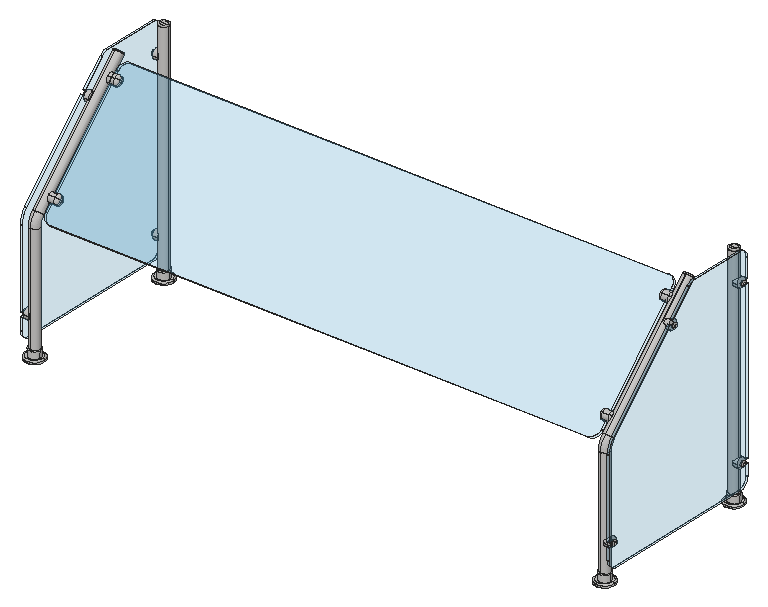
Revit family "QF_ENGLISH_M-106", category Casework, Revit 2018
Family settings
  Work Plane-Based = No
  Always vertical = Yes
  Cut with Voids When Loaded = No
  Shared = No
  Room Calculation Point = No
Parameters
  Weight in Pounds = 0
  URL Cutsheet = ""
  Type Mark [instance] = ""
  Status [instance] = ""
  Specification by User [instance] = ""
  Specification by Manufacturer = ""
  Show Right Glass [instance] = yes
  Show Left Glass [instance] = yes
  Serial Number = ""
  Seismic Rating = ""
  SMACNA No = ""
  Revision Code [instance] = ""
  RS Symbolic [instance] = not(Show Right Glass)  # no
  Omniclass Number and Title = ""
  NAFEM Spec ID Number = ""
  Model = "M-106"
  Masterspec = ""
  Manufacturer = "ENGLISH MFG. INC."
  Length [instance] = 60"
  LS Symbolic [instance] = not(Show Left Glass)  # no
  Item Number [instance] = ""
  Installed By [instance] = ""
  Identify Quantity as Lot [instance] = yes
  H Code [instance] = 24"  # constant formula
  H [instance] = H Code - 1 1/2"  # 22 1/2"
  Glass Thickness [instance] = 3/8"  # constant formula
  Glass Material [instance] = Glass
  Furnished By [instance] = ""
  Foodservice Equipment Identifier [instance] = yes
  Description = "MATRIX SERIES"
  Depth [instance] = 17"  # constant formula
  CSI MasterFormat = ""
  CSI Master Format = ""
  Assembly Code = ""
Reference planes (in)
  plane 1 "BACK": y = 0
  plane 2: z = 0
  plane 3 "LEFT": x = 0
  plane 4 "RIGHT": x = 60
  plane 5 "FRONT": y = -17
  plane 6 "TOP": z = 24
  plane 7 "Center Y": x = 30
  plane 8 "Center X": y = -8.5
Forms (in)
  Revolve 1, solid, material "QF_Finishes_Stainless Steel", visible <- "Show Left Glass"
    sketch origin (0, 0, 0) x (1, 0, 0) y (0, 0, 1)
      loop
        line (0, 0) -> (0, 1) -> (-0.53494, 1)
        arc (-0.53494, 1) -> (-0.57913, 0.98169) -> (-0.5975, 0.9375) r 0.0625
        line (-0.5975, 0.9375) -> (-0.5975, 0.25) -> (-0.87489, 0.25)
        arc (-0.87489, 0.25) -> (-0.96328, 0.21339) -> (-1, 0.125) r 0.125
        line (-1, 0.125) -> (-1, 0) -> (0, 0)
      loop
        line (0, 24) -> (0, 24.13598) -> (-0.43122, 24.13598)
        arc (-0.43122, 24.13598) -> (-0.49921, 24.06799) -> (-0.43122, 24) r 0.06799
        line (-0.43122, 24) -> (0, 24)
      axis (0, 24.13598) -> (0, 0)
    angle from 0 to 360
  Revolve 2, solid, material "QF_Finishes_Stainless Steel", visible <- "Show Right Glass"
    sketch origin (75.11626, 0, 0) x (1, 0, 0) y (0, 0, 1)
      loop
        line (-15.11626, 0) -> (-15.11626, 1) -> (-15.6512, 1)
        arc (-15.6512, 1) -> (-15.69539, 0.98169) -> (-15.71376, 0.9375) r 0.0625
        line (-15.71376, 0.9375) -> (-15.71376, 0.25) -> (-15.99114, 0.25)
        arc (-15.99114, 0.25) -> (-16.07953, 0.21339) -> (-16.11625, 0.125) r 0.125
        line (-16.11625, 0.125) -> (-16.11625, 0) -> (-15.11626, 0)
      loop
        line (-15.11626, 24) -> (-15.11626, 24.13598) -> (-15.54748, 24.13598)
        arc (-15.54748, 24.13598) -> (-15.61547, 24.06799) -> (-15.54748, 24) r 0.06799
        line (-15.54748, 24) -> (-15.11626, 24)
      axis (-15.11626, 24.13598) -> (-15.11626, 0)
    angle from 0 to 360
  Extrusion 3, solid, material "Glass" <- "Glass Material", visible <- "Show Left Glass"
    sketch origin (-0.75, -16.5, 18.9876) x (0, 0, -1) y (0, -1, 0)
      loop
        line (-4.1374, -17.125) -> (-2.1999, -17.125) -> (-2.1999, -16.5)
        arc (-2.1999, -16.5) -> (-2.0124, -16.3125) -> (-1.8249, -16.5) r 0.1875
        line (-1.8249, -16.5) -> (-1.8249, -17.125) -> (14.8001, -17.125) -> (14.8001, -16.5)
        arc (14.8001, -16.5) -> (14.9876, -16.3125) -> (15.1751, -16.5) r 0.1875
        line (15.1751, -16.5) -> (15.1751, -17.125) -> (16.4876, -17.125)
        arc (16.4876, -17.125) -> (17.1947, -16.83211) -> (17.4876, -16.125) r 1
        line (17.4876, -16.125) -> (17.4876, 0.125)
        arc (17.4876, 0.125) -> (17.1947, 0.83211) -> (16.4876, 1.125) r 1
        line (16.4876, 1.125) -> (15.1751, 1.125) -> (15.1751, 0.5)
        arc (15.1751, 0.5) -> (14.9876, 0.3125) -> (14.8001, 0.5) r 0.1875
        line (14.8001, 0.5) -> (14.8001, 1.125) -> (6.51425, 1.125)
        arc (6.51425, 1.125) -> (5.74888, 0.97276) -> (5.10003, 0.53921) r 2
        line (5.10003, 0.53921) -> (-2.32261, -6.88343) -> (-1.88067, -7.32538)
        arc (-1.88067, -7.32538) -> (-1.8737, -7.58311) -> (-2.13068, -7.60399) r 0.18744
        line (-2.13068, -7.60399) -> (-2.58693, -7.14775) -> (-4.84451, -9.40533)
        arc (-4.84451, -9.40533) -> (-5.06128, -9.72975) -> (-5.1374, -10.11244) r 1
        line (-5.1374, -10.11244) -> (-5.1374, -16.125)
        arc (-5.1374, -16.125) -> (-4.84451, -16.83211) -> (-4.1374, -17.125) r 1
    from 0 to 0.25
  Extrusion 4, solid, material "Glass" <- "Glass Material", visible <- "Show Right Glass"
    sketch origin (60.75, 0, 0) x (0, 1, 0) y (0, 0, 1)
      loop
        line (-16.625, 1.5) -> (-0.375, 1.5)
        arc (-0.375, 1.5) -> (0.33211, 1.79289) -> (0.625, 2.5) r 1
        line (0.625, 2.5) -> (0.625, 3.8125) -> (0, 3.8125)
        arc (0, 3.8125) -> (-0.1875, 4) -> (0, 4.1875) r 0.1875
        line (0, 4.1875) -> (0.625, 4.1875) -> (0.625, 20.8125) -> (0, 20.8125)
        arc (0, 20.8125) -> (-0.1875, 21) -> (0, 21.1875) r 0.1875
        line (0, 21.1875) -> (0.625, 21.1875) -> (0.625, 23.125)
        arc (0.625, 23.125) -> (0.33211, 23.83211) -> (-0.375, 24.125) r 1
        line (-0.375, 24.125) -> (-6.38756, 24.125)
        arc (-6.38756, 24.125) -> (-6.77025, 24.04888) -> (-7.09467, 23.83211) r 1
        line (-7.09467, 23.83211) -> (-9.35225, 21.57452) -> (-8.89601, 21.11828)
        arc (-8.89601, 21.11828) -> (-8.91689, 20.8613) -> (-9.17462, 20.86827) r 0.18744
        line (-9.17462, 20.86827) -> (-9.61662, 21.31026) -> (-17.03919, 13.88754)
        arc (-17.03919, 13.88754) -> (-17.47274, 13.2387) -> (-17.62498, 12.47334) r 1.99998
        line (-17.62498, 12.47334) -> (-17.62498, 4.1875) -> (-17, 4.1875)
        arc (-17, 4.1875) -> (-16.8125, 4) -> (-17, 3.8125) r 0.1875
        line (-17, 3.8125) -> (-17.625, 3.8125) -> (-17.625, 2.5)
        arc (-17.625, 2.5) -> (-17.33211, 1.79289) -> (-16.625, 1.5) r 1
    from 0 to 0.25
  Extrusion 5, solid, material "Glass" <- "Glass Material"
    sketch origin (0.69887, -14.53572, 15.24201) x (0, -0.707107, -0.707107) y (1, 0, 0)
      loop
        arc (-11.76682, 1.05113) -> (-11.47393, 0.34403) -> (-10.76682, 0.05113) r 1
        line (-10.76682, 0.05113) -> (2.35818, 0.05113)
        arc (2.35818, 0.05113) -> (3.06529, 0.34403) -> (3.35818, 1.05113) r 1
        line (3.35818, 1.05113) -> (3.35818, 57.55113)
        arc (3.35818, 57.55113) -> (3.06529, 58.25823) -> (2.35818, 58.55113) r 1
        line (2.35818, 58.55113) -> (-10.76682, 58.55113)
        arc (-10.76682, 58.55113) -> (-11.47393, 58.25823) -> (-11.76682, 57.55113) r 1
        line (-11.76682, 57.55113) -> (-11.76682, 1.05113)
    from 0 to 0.375 <- "Glass Thickness"
  Sweep 6, solid, material "QF_Finishes_Stainless Steel"
    path origin (60, 0, 0) x (0, -1, 0) y (0, 0, 1)
      loop
        line (17, 1) -> (17, 12.42157)
        arc (17, 12.42157) -> (16.88582, 12.9956) -> (16.56066, 13.48223) r 1.5
        line (16.56066, 13.48223) -> (6.04289, 24)
    profile origin (60, -17, 6.71079) x (0, 1, 0) y (-1, 0, 0)
      loop
        circle (0, 0) r 0.5
  Extrusion 7, solid, material "QF_Finishes_Stainless Steel", visible <- "Show Right Glass"
    sketch origin (0, 0, 0) x (1, 0, 0) y (0, 1, 0)
      loop
        circle (60, 0) r 0.5
    from 0.99997 to 24
  Revolve 8, solid, material "QF_Finishes_Stainless Steel"
    sketch origin (0, -17, 0) x (1, 0, 0) y (0, 0, 1)
      loop
        line (0, 0) -> (0, 1) -> (-0.53494, 1)
        arc (-0.53494, 1) -> (-0.57913, 0.98169) -> (-0.5975, 0.9375) r 0.0625
        line (-0.5975, 0.9375) -> (-0.5975, 0.25) -> (-0.87489, 0.25)
        arc (-0.87489, 0.25) -> (-0.96328, 0.21339) -> (-1, 0.125) r 0.125
        line (-1, 0.125) -> (-1, 0) -> (0, 0)
      axis (0, 1) -> (0, 0)
    angle from 0 to 360
  Revolve 9, solid, material "QF_Finishes_Stainless Steel"
    sketch origin (75.11626, -17, 0) x (1, 0, 0) y (0, 0, 1)
      loop
        line (-15.11626, 0) -> (-15.11626, 1) -> (-15.6512, 1)
        arc (-15.6512, 1) -> (-15.69539, 0.98169) -> (-15.71376, 0.9375) r 0.0625
        line (-15.71376, 0.9375) -> (-15.71376, 0.25) -> (-15.99114, 0.25)
        arc (-15.99114, 0.25) -> (-16.07953, 0.21339) -> (-16.11625, 0.125) r 0.125
        line (-16.11625, 0.125) -> (-16.11625, 0) -> (-15.11626, 0)
      axis (-15.11626, 1) -> (-15.11626, 0)
    angle from 0 to 360
  Sweep 10, solid, material "QF_Finishes_Stainless Steel"
    path origin (0, 0, 0) x (0, 1, 0) y (0, 0, 1)
      loop
        line (-17, 1) -> (-17, 12.42157)
        arc (-17, 12.42157) -> (-16.88582, 12.9956) -> (-16.56066, 13.48223) r 1.5
        line (-16.56066, 13.48223) -> (-6.04289, 24)
    profile origin (0, -17, 6.71079) x (0, -1, 0) y (1, 0, 0)
      loop
        circle (0, 0) r 0.5
  Extrusion 11, solid, material "QF_Finishes_Stainless Steel", visible <- "Show Left Glass"
    sketch origin (0, 0, 0) x (1, 0, 0) y (0, 1, 0)
      loop
        circle (0, 0) r 0.5
    from 0.99997 to 24
  Revolve 12, solid, material "QF_Finishes_Stainless Steel"
    sketch origin (60, 0, 0) x (0, -1, 0) y (0, 0, 1)
      loop
        arc (6.34673, 24.30383) -> (6.34673, 24.40051) -> (6.25005, 24.40051) r 0.06836
        line (6.25005, 24.40051) -> (5.94622, 24.09667) -> (6.04289, 24) -> (6.34673, 24.30383)
      axis (5.94622, 24.09667) -> (6.04289, 24)
    angle from 0 to 360
  Revolve 13, solid, material "QF_Finishes_Stainless Steel"
    sketch origin (0, 0, 0) x (0, 1, 0) y (0, 0, 1)
      loop
        line (-6.04289, 24) -> (-5.94622, 24.09667) -> (-6.25005, 24.40051)
        arc (-6.25005, 24.40051) -> (-6.34673, 24.40051) -> (-6.34673, 24.30384) r 0.06836
        line (-6.34673, 24.30384) -> (-6.04289, 24)
      axis (-5.94622, 24.09667) -> (-6.04289, 24)
    angle from 0 to 360
Lines and regions (in)
  symbolic lines, style "CaseworkHiddenLines"
    curve 1: line (0.75, -6.92243, 0) -> (0.75, -7.39721, 0)
    curve 2: line (59.25, -6.92243, 0) -> (59.25, -7.39721, 0)
    curve 3: line (0.75, -8.09238, 0) -> (0.75, -15.21661, 0)
    curve 4: line (0.75, -15.92784, 0) -> (0.75, -16.46837, 0)
    curve 5: line (59.25, -8.09238, 0) -> (59.25, -15.21661, 0)
    curve 6: line (59.25, -15.91178, 0) -> (59.25, -16.46837, 0)
    curve 31: line (1.75, -17.17548, 0) -> (58.25, -17.17548, 0)
    curve 32: spline (0.75, -16.46837, 0) -> (0.75856, -16.56067, 0) -> (0.78408, -16.65138, 0) -> (0.82612, -16.73897, 0) -> (0.88398, -16.82192, 0) -> (0.95665, -16.89883, 0) -> (1.0429, -16.96837, 0) -> (1.14124, -17.02935, 0) -> (1.25, -17.08074, 0) -> (1.36732, -17.12165, 0) -> (1.49118, -17.15138, 0) -> (1.61948, -17.16943, 0) -> (1.75, -17.17548, 0)
    curve 33: spline (58.25, -17.17548, 0) -> (58.38052, -17.16943, 0) -> (58.50882, -17.15138, 0) -> (58.63268, -17.12165, 0) -> (58.75, -17.08074, 0) -> (58.85876, -17.02935, 0) -> (58.9571, -16.96837, 0) -> (59.04335, -16.89883, 0) -> (59.11602, -16.82192, 0) -> (59.17388, -16.73897, 0) -> (59.21592, -16.65138, 0) -> (59.24144, -16.56067, 0) -> (59.25, -16.46837, 0)
    curve 34: line (1.75, -6.21532, 0) -> (58.25, -6.21532, 0)
    curve 35: spline (58.25, -6.21532, 0) -> (58.38052, -6.22137, 0) -> (58.50882, -6.23942, 0) -> (58.63268, -6.26915, 0) -> (58.75, -6.31006, 0) -> (58.85876, -6.36144, 0) -> (58.9571, -6.42243, 0) -> (59.04335, -6.49197, 0) -> (59.11602, -6.56887, 0) -> (59.17388, -6.65183, 0) -> (59.21592, -6.73942, 0) -> (59.24144, -6.83013, 0) -> (59.25, -6.92243, 0)
    curve 36: spline (0.75, -6.92243, 0) -> (0.75856, -6.83013, 0) -> (0.78408, -6.73942, 0) -> (0.82612, -6.65183, 0) -> (0.88398, -6.56887, 0) -> (0.95665, -6.49197, 0) -> (1.0429, -6.42243, 0) -> (1.14124, -6.36144, 0) -> (1.25, -6.31006, 0) -> (1.36732, -6.26915, 0) -> (1.49118, -6.23942, 0) -> (1.61948, -6.22137, 0) -> (1.75, -6.21532, 0)
  symbolic lines
    curve 7: line (0.49809, -7.09238, 0) -> (0.75, -7.09238, 0)
    curve 8: line (0.49809, -8.09238, 0) -> (1.20531, -8.09238, 0)
    curve 9: line (0.75, -7.39721, 0) -> (1.23403, -7.39721, 0)
    curve 10: line (1.49809, -7.66126, 0) -> (1.49809, -7.7996, 0)
    curve 11: arc (1.23403, -7.39721, 0) -> (1.42075, -7.47455, 0) -> (1.49809, -7.66126, 0) r 0.26405
    curve 12: arc (1.20531, -8.09238, 0) -> (1.41233, -8.00662, 0) -> (1.49809, -7.7996, 0) r 0.29278
    curve 13: line (59.50191, -7.09238, 0) -> (59.25, -7.09238, 0)
    curve 14: line (59.50191, -8.09238, 0) -> (58.79469, -8.09238, 0)
    curve 15: line (59.25, -7.39721, 0) -> (58.76597, -7.39721, 0)
    curve 16: line (58.50191, -7.66126, 0) -> (58.50191, -7.7996, 0)
    curve 17: arc (58.76597, -7.39721, 0) -> (58.57925, -7.47455, 0) -> (58.50191, -7.66126, 0) r 0.26405
    curve 18: arc (58.79469, -8.09238, 0) -> (58.58767, -8.00662, 0) -> (58.50191, -7.7996, 0) r 0.29278
    curve 19: line (59.50191, -14.91178, 0) -> (59.25, -14.91178, 0)
    curve 20: line (59.50191, -15.91178, 0) -> (58.79469, -15.91178, 0)
    curve 21: line (59.25, -15.21661, 0) -> (58.76597, -15.21661, 0)
    curve 22: line (58.50191, -15.48066, 0) -> (58.50191, -15.619, 0)
    curve 23: arc (58.76597, -15.21661, 0) -> (58.57925, -15.29395, 0) -> (58.50191, -15.48066, 0) r 0.26405
    curve 24: arc (58.79469, -15.91178, 0) -> (58.58767, -15.82603, 0) -> (58.50191, -15.619, 0) r 0.29278
    curve 25: line (0.49809, -14.91178, 0) -> (0.75, -14.91178, 0)
    curve 26: line (0.49809, -15.91178, 0) -> (1.20531, -15.91178, 0)
    curve 27: line (0.75, -15.21661, 0) -> (1.23403, -15.21661, 0)
    curve 28: line (1.49809, -15.48066, 0) -> (1.49809, -15.619, 0)
    curve 29: arc (1.23403, -15.21661, 0) -> (1.42075, -15.29395, 0) -> (1.49809, -15.48066, 0) r 0.26405
    curve 30: arc (1.20531, -15.91178, 0) -> (1.41233, -15.82603, 0) -> (1.49809, -15.619, 0) r 0.29278
Dimensions and locks (in)
  equal spacing: plane 3 "LEFT", plane 7 "Center Y", plane 4 "RIGHT"
  "Length": plane 3 "LEFT" to plane 4 "RIGHT"
  equal spacing: plane 5 "FRONT", plane 8 "Center X", plane 1 "BACK"
  plane 5 "FRONT" to plane 1 "BACK" = 17"
  "H Code": plane 6 "TOP" to level
  locked: plane 3 "LEFT" to Extrusion 5 sketch curve at 0.75
  locked: Extrusion 5 sketch curve to plane 4 "RIGHT" at 0.75
  plane 6 "TOP" to level = 24"
  locked: plane 4 "RIGHT" to nested 4 at 0.5
  locked: plane 4 "RIGHT" to nested 3 at 0.5
  plane 4 "RIGHT" to Extrusion 4 to Extrusion 4 = 3/4" locked, 1/4" locked
  aligned and locked: level to plane 2
  aligned and locked: nested 5 to plane 5 "FRONT"
  aligned and locked: nested 6 to plane 1 "BACK"
  aligned and locked: nested 7 to plane 1 "BACK"
  aligned and locked: plane 4 "RIGHT" to nested 11
  aligned and locked: plane 4 "RIGHT" to nested 10
  aligned and locked: plane 4 "RIGHT" to nested 12
  aligned and locked: plane 4 "RIGHT" to nested 9
  aligned and locked: curve 31 to Extrusion 5
  aligned and locked: curve 34 to Extrusion 5
Automatic sketch dimensions
  Revolve 1 sketch curve to level = 0"
  Revolve 1 sketch curve to plane 3 "LEFT" = 0"  (x3)
  plane 6 "TOP" to Revolve 1 sketch curve = 0.13598"
  Revolve 1 sketch curve to Revolve 1 sketch curve = 0.43122"
  Revolve 1 sketch curve to Revolve 1 sketch curve = 0.53494"
  Revolve 1 sketch curve to Revolve 1 sketch curve = 1/16"
  level to Revolve 1 sketch curve = 1/4"
  Revolve 1 sketch curve to plane 3 "LEFT" = 0.5975"
  level to Revolve 1 sketch curve = 1/8"
  Revolve 1 sketch curve to Revolve 1 sketch curve = 0.27739"
  Revolve 1 sketch curve to Revolve 1 sketch curve = 0.00011"
  Revolve 1 sketch curve to Revolve 1 sketch curve = 1/4"
  Revolve 1 sketch curve to Revolve 1 sketch curve = 0"  (x3)
  Revolve 1 sketch curve to Revolve 1 sketch curve = 11/16"
  plane 6 "TOP" to Revolve 1 sketch curve = 0"
  Revolve 8 sketch curve to level = 0"
  Revolve 8 sketch curve to plane 3 "LEFT" = 0"  (x2)
  Revolve 8 sketch curve to Revolve 8 sketch curve = 0.53494"
  Revolve 8 sketch curve to Revolve 8 sketch curve = 1/16"
  Revolve 8 sketch curve to Revolve 8 sketch curve = 0.00006"
  Revolve 8 sketch curve to Revolve 8 sketch curve = 0.27739"
  Revolve 8 sketch curve to Revolve 8 sketch curve = 1/8"
  Revolve 8 sketch curve to Revolve 8 sketch curve = 0.00011"
  Revolve 8 sketch curve to Revolve 8 sketch curve = 1/4"
  level to Revolve 8 sketch curve = 1/8"
  Revolve 8 sketch curve to Revolve 8 sketch curve = 0"  (x3)
  Revolve 8 sketch curve to Revolve 8 sketch curve = 11/16"
  Sweep 10 sketch curve to plane 3 "LEFT" = 0"
  Sweep 10 sketch curve to profile plane = 0"
  plane 1 "BACK" to Extrusion 11 sketch curve = 0"
  Extrusion 11 sketch curve to plane 3 "LEFT" = 0"
  plane 8 "Center X" to Sweep 10 sketch curve = 2.45711"
  Sweep 10 sketch curve to plane 5 "FRONT" = 0.43934"
  level to Sweep 10 sketch curve = 1"
  Sweep 10 sketch curve to plane 5 "FRONT" = 0"
  Sweep 10 sketch curve to Sweep 10 sketch curve = 1 1/2"
  Extrusion 5 sketch curve to Extrusion 5 sketch curve = 1"  (x2)
  Sweep 6 sketch curve to plane 5 "FRONT" = 0"
  Sweep 6 sketch curve to plane 5 "FRONT" = 0.43934"
  Sweep 6 sketch curve to plane 5 "FRONT" = 1 1/2"
  plane 6 "TOP" to Sweep 6 sketch curve = 0"
  Sweep 6 sketch curve to Sweep 6 sketch curve = 11.42157"
  plane 8 "Center X" to Sweep 6 sketch curve = 2.45711"
  Sweep 6 sketch curve to plane 6 "TOP" = 10.51777"
  Sweep 10 sketch curve to Sweep 10 sketch curve = 11.42157"
  plane 6 "TOP" to Sweep 10 sketch curve = 0"
  Revolve 12 sketch curve to plane 6 "TOP" = 0"  (x2)
  plane 6 "TOP" to Revolve 12 sketch curve = 0.09667"  (x2)
  plane 8 "Center X" to Revolve 12 sketch curve = 2.55378"
  Revolve 12 sketch curve to Revolve 12 sketch curve = 0.09667"
  plane 6 "TOP" to Revolve 12 sketch curve = 0.40051"
  Revolve 12 sketch curve to Revolve 12 sketch curve = 0.04834"
  plane 6 "TOP" to Revolve 12 sketch curve = 0.30383"
  Revolve 12 sketch curve to Revolve 12 sketch curve = 0"  (x2)
  Revolve 13 sketch curve to plane 6 "TOP" = 0"  (x2)
  plane 6 "TOP" to Revolve 13 sketch curve = 0.30384"
  plane 8 "Center X" to Revolve 13 sketch curve = 2.15327"
  Revolve 13 sketch curve to Revolve 13 sketch curve = 0.04834"  (x2)
  plane 6 "TOP" to Revolve 13 sketch curve = 0.40051"
  Revolve 13 sketch curve to Revolve 13 sketch curve = 0.30384"
  Revolve 13 sketch curve to Revolve 13 sketch curve = 0"  (x2)
  plane 6 "TOP" to Revolve 13 sketch curve = 0.09667"
  plane 3 "LEFT" to Extrusion 5 sketch curve = 1 3/4"  (x2)
  Extrusion 5 sketch curve to Extrusion 5 sketch curve = 13 1/8"
  plane 3 "LEFT" to curve 3 = 3/4"
  curve 4 to plane 5 "FRONT" = 0.53163"
  plane 3 "LEFT" to curve 4 = 3/4"
  curve 1 to curve 3 = 0"
  curve 4 to curve 30 = 0.4553"
  curve 3 to curve 12 = 0.4553"
  curve 30 to curve 29 = 0.02873"
  curve 12 to curve 11 = 0.02873"
  curve 30 to curve 28 = 0.29278"
  curve 11 to curve 10 = 0.26405"
  curve 23 to curve 21 = 0.26405"
  curve 17 to curve 15 = 0.26405"
  curve 17 to curve 18 = 0.02873"
  curve 24 to curve 20 = 0.29278"
  curve 21 to curve 5 = 0.48403"
  curve 24 to curve 6 = 0.4553"
  curve 15 to curve 15 = 0.48403"
  curve 6 to plane 5 "FRONT" = 0.53163"
  curve 30 to curve 29 = 0.13834"
  curve 22 to curve 22 = 0.13834"
  plane 8 "Center X" to curve 8 = 0.40762"
  plane 8 "Center X" to curve 14 = 0.40762"
  curve 12 to curve 11 = 0.13834"
  curve 18 to curve 17 = 0.13834"
  curve 2 to curve 2 = 0.47478"
  curve 1 to curve 1 = 0.47478"
  curve 7 to curve 7 = 0.25192"
  curve 8 to curve 3 = 0.25192"
  curve 26 to curve 4 = 0.25192"
  curve 25 to curve 25 = 0.25192"
  curve 13 to curve 13 = 0.25192"
  curve 5 to curve 14 = 0.25192"
  curve 19 to curve 19 = 0.25192"
  curve 4 to curve 26 = 0.01606"
  curve 27 to curve 25 = 0.30483"
  curve 5 to curve 19 = 0.30483"
  curve 7 to curve 1 = 0.16995"
  curve 13 to curve 2 = 0.16995"
  Revolve 2 sketch curve to level = 0"
  plane 4 "RIGHT" to Revolve 2 sketch curve = 0"  (x3)
  plane 6 "TOP" to Revolve 2 sketch curve = 0.13598"
  plane 4 "RIGHT" to Revolve 2 sketch curve = 0.43122"
  Revolve 2 sketch curve to Revolve 2 sketch curve = 0.53494"
  level to Revolve 2 sketch curve = 1/4"
  plane 4 "RIGHT" to Revolve 2 sketch curve = 0.5975"
  level to Revolve 2 sketch curve = 1/8"
  Revolve 2 sketch curve to Revolve 2 sketch curve = 0.27739"
  Revolve 2 sketch curve to Revolve 2 sketch curve = 0.00011"
  Revolve 2 sketch curve to Revolve 2 sketch curve = 11/16"
  Revolve 2 sketch curve to Revolve 2 sketch curve = 1/16"
  plane 6 "TOP" to Revolve 2 sketch curve = 0"
  Revolve 2 sketch curve to Revolve 2 sketch curve = 1/4"
  Revolve 2 sketch curve to Revolve 2 sketch curve = 0"  (x3)
  Sweep 6 sketch curve to plane 4 "RIGHT" = 0"
  profile plane to Sweep 6 sketch curve = 0"
  plane 1 "BACK" to Extrusion 7 sketch curve = 0"
  Extrusion 7 sketch curve to plane 4 "RIGHT" = 0"
  Revolve 9 sketch curve to level = 0"
  plane 4 "RIGHT" to Revolve 9 sketch curve = 0"  (x2)
  Revolve 9 sketch curve to Revolve 9 sketch curve = 0.53494"
  level to Revolve 9 sketch curve = 1/4"
  plane 4 "RIGHT" to Revolve 9 sketch curve = 0.5975"
  Revolve 9 sketch curve to Revolve 9 sketch curve = 0.27739"
  Revolve 9 sketch curve to Revolve 9 sketch curve = 0.12511"
  level to Revolve 9 sketch curve = 1/8"
  Revolve 9 sketch curve to Revolve 9 sketch curve = 11/16"
  Revolve 9 sketch curve to Revolve 9 sketch curve = 1/16"
  Revolve 9 sketch curve to Revolve 9 sketch curve = 1/4"
  Revolve 9 sketch curve to Revolve 9 sketch curve = 0"  (x3)
  curve 6 to curve 20 = 0.25192"
  curve 16 to curve 5 = 0.74808"
  curve 6 to curve 20 = 0.55659"
  curve 4 to curve 26 = 0.55659"
  curve 4 to curve 31 = 1"
  curve 31 to curve 6 = 1"
  plane 4 "RIGHT" to curve 31 = 1 3/4"
  curve 1 to curve 34 = 1"
  curve 34 to curve 2 = 1"
  plane 6 "TOP" to Extrusion 3 sketch curve = 1/8"
  Extrusion 3 sketch curve to plane 6 "TOP" = 0.16789"
  Extrusion 3 sketch curve to plane 6 "TOP" = 7/8"  (x2)
  Extrusion 3 sketch curve to plane 8 "Center X" = 0.85225"
  Extrusion 3 sketch curve to plane 6 "TOP" = 2.42548"
  Extrusion 3 sketch curve to plane 8 "Center X" = 1.11657"
  plane 5 "FRONT" to Extrusion 3 sketch curve = 0.03921"
  plane 5 "FRONT" to Extrusion 3 sketch curve = 5/8"  (x2)
  Extrusion 3 sketch curve to Extrusion 3 sketch curve = 1.41421"
  Extrusion 3 sketch curve to plane 1 "BACK" = 5/8"  (x3)
  Extrusion 3 sketch curve to Extrusion 3 sketch curve = 1 5/16"
  Extrusion 3 sketch curve to plane 5 "FRONT" = 3/8"
  Extrusion 4 sketch curve to plane 5 "FRONT" = 0"
  Extrusion 4 sketch curve to plane 1 "BACK" = 0"  (x2)
  plane 5 "FRONT" to Extrusion 4 sketch curve = 0.03919"
  plane 5 "FRONT" to Extrusion 4 sketch curve = 0.62498"
  plane 5 "FRONT" to Extrusion 4 sketch curve = 5/8"
  Extrusion 4 sketch curve to plane 5 "FRONT" = 3/8"
  Extrusion 4 sketch curve to plane 5 "FRONT" = 1 3/8"
  Extrusion 4 sketch curve to plane 8 "Center X" = 1.11662"
  Extrusion 4 sketch curve to Extrusion 4 sketch curve = 0.26437"
  Extrusion 4 sketch curve to Extrusion 4 sketch curve = 0.442"
  Extrusion 4 sketch curve to Extrusion 4 sketch curve = 0.13254"
  Extrusion 4 sketch curve to Extrusion 4 sketch curve = 0.14607"
  Extrusion 4 sketch curve to plane 6 "TOP" = 0.16789"
  plane 8 "Center X" to Extrusion 4 sketch curve = 1.40533"
  Extrusion 4 sketch curve to Extrusion 4 sketch curve = 0.70711"
  plane 1 "BACK" to Extrusion 4 sketch curve = 3/8"  (x2)
  Extrusion 4 sketch curve to plane 1 "BACK" = 5/8"
  Extrusion 4 sketch curve to Extrusion 4 sketch curve = 0"  (x2)
  Extrusion 4 sketch curve to plane 6 "TOP" = 7/8"
  Extrusion 4 sketch curve to plane 6 "TOP" = 2.42548"
  Extrusion 4 sketch curve to Extrusion 4 sketch curve = 0.26427"
  Extrusion 4 sketch curve to Extrusion 4 sketch curve = 1 15/16"
  Extrusion 4 sketch curve to Extrusion 4 sketch curve = 0.11747"
  Extrusion 4 sketch curve to Extrusion 4 sketch curve = 3/16"  (x3)
  level to Extrusion 4 sketch curve = 4 3/16"  (x2)
  Extrusion 4 sketch curve to Extrusion 4 sketch curve = 1 5/16"
  level to Extrusion 3 sketch curve = 2 1/2"
  Extrusion 3 sketch curve to Extrusion 3 sketch curve = 3/8"  (x3)
  Extrusion 3 sketch curve to Extrusion 3 sketch curve = 0.26432"
  Extrusion 3 sketch curve to Extrusion 3 sketch curve = 9.70006"
  plane 8 "Center X" to Extrusion 3 sketch curve = 2.11244"
  Extrusion 3 sketch curve to Extrusion 3 sketch curve = 1 15/16"
  Extrusion 3 sketch curve to Extrusion 3 sketch curve = 2 11/16"
  plane 1 "BACK" to Extrusion 3 sketch curve = 3/8"
  Extrusion 3 sketch curve to plane 8 "Center X" = 0.67462"
  Extrusion 3 sketch curve to Extrusion 3 sketch curve = 0.44194"
  Extrusion 3 sketch curve to plane 8 "Center X" = 0.39601"
  Extrusion 3 sketch curve to Extrusion 3 sketch curve = 1/4"
  Extrusion 3 sketch curve to Extrusion 3 sketch curve = 0.11747"
  Extrusion 3 sketch curve to plane 5 "FRONT" = 0"
  Extrusion 3 sketch curve to plane 1 "BACK" = 0"  (x2)
  radius of Sweep 10 sketch curve = 1/2"
  radius of Extrusion 11 sketch curve = 1/2"
  radius of Sweep 6 sketch curve = 1/2"
  radius of Extrusion 7 sketch curve = 1/2"
Nested families (in)
  nested 1: "M-120" at (0.37309, -25.84925, 14.63111), Glass Thickness <- "Glass Thickness", type "M-120"
    with Type Mark "", Status "", Specification by User "", Revision Code "", Item Number "", Installed By "", Identify Quantity as Lot yes, H 13 1/4", Glass Thickness 3/8", Furnished By "", Foodservice Equipment Identifier yes, Angle 45.00°
  nested 2: "M-120" at (0.37309, -18.02984, 22.45052), Glass Thickness <- "Glass Thickness", type "M-120"
    with Type Mark "", Status "", Specification by User "", Revision Code "", Item Number "", Installed By "", Identify Quantity as Lot yes, H 13 1/4", Glass Thickness 3/8", Furnished By "", Foodservice Equipment Identifier yes, Angle 45.00°
  nested 3: "M-120" at (59.625, -25.84925, 14.63111) x (-1, 0, 0) z (0, 0, 1), Glass Thickness <- "Glass Thickness", type "M-120"
    with Type Mark "", Status "", Specification by User "", Revision Code "", Item Number "", Installed By "", Identify Quantity as Lot yes, H 13 1/4", Glass Thickness 3/8", Furnished By "", Foodservice Equipment Identifier yes, Angle 45.00°
  nested 4: "M-120" at (59.625, -18.02984, 22.45052) x (-1, 0, 0) z (0, 0, 1), Glass Thickness <- "Glass Thickness", type "M-120"
    with Type Mark "", Status "", Specification by User "", Revision Code "", Item Number "", Installed By "", Identify Quantity as Lot yes, H 13 1/4", Glass Thickness 3/8", Furnished By "", Foodservice Equipment Identifier yes, Angle 45.00°
  nested 5: "Glass Clip" at (0, -17, 4) x (-1, 0, 0) z (0, 0, 1), visible <- "Show Left Glass", type "Glass Clip"
  nested 6: "Glass Clip" at (0, 0, 4) x (-1, 0, 0) z (0, 0, 1), visible <- "Show Left Glass", type "Glass Clip"
  nested 7: "Glass Clip" at (0, 0, 21) x (-1, 0, 0) z (0, 0, 1), visible <- "Show Left Glass", type "Glass Clip"
  nested 8: "Glass Clip" at (0, -9.04289, 21) x (-1, 0, 0) z (0, 0, 1), visible <- "Show Left Glass", type "Glass Clip"
  nested 9: "Glass Clip" at (60, -17, 4), visible <- "Show Right Glass", type "Glass Clip"
  nested 10: "Glass Clip" at (60, 0, 4), visible <- "Show Right Glass", type "Glass Clip"
  nested 11: "Glass Clip" at (60, 0, 21), visible <- "Show Right Glass", type "Glass Clip"
  nested 12: "Glass Clip" at (60, -9.04289, 21), visible <- "Show Right Glass", type "Glass Clip"
Definition of nested family "M-120"
  Parameters (values of type "M-120")
    Weight in Pounds = 0
    URL Cutsheet = ""
    Type Mark [instance] = ""
    Status [instance] = ""
    Specification by User [instance] = ""
    Specification by Manufacturer = ""
    Serial Number = ""
    Seismic Rating = ""
    SMACNA No = ""
    Revision Code [instance] = ""
    Omniclass Number and Title = ""
    NAFEM Spec ID Number = ""
    Masterspec = ""
    Item Number [instance] = ""
    Installed By [instance] = ""
    Identify Quantity as Lot [instance] = yes
    H [instance] = 13 1/4"
    Glass Thickness [instance] = 3/8"
    Furnished By [instance] = ""
    Foodservice Equipment Identifier [instance] = yes
    CSI MasterFormat = ""
    CSI Master Format = ""
    Assembly Code = ""
    Angle [instance] = 0.00°
  Reference planes (in)
    plane 1 "BACK": y = 0
    plane 2: z = 0
    plane 3 "LEFT": x = -0.01953
    plane 4 "RIGHT": x = 1.125
    plane 5 "FRONT": y = -1
    plane 6 "TOP": z = 16.5
    plane 7 "Center Y": x = 0.55273
    plane 8 "Center X": y = -0.5
    plane 9: y = 0
    plane 10: y = -1
    plane 11: x = -0.35356
  Forms (in)
    Extrusion 1, void
      sketch origin (0.55273, -0.5, 0) x (0, 0, 1) y (0, 1, 0)
        loop
          line (1.07736, -0.1875) -> (1.07736, 0.1875) -> (-16.60314, 0.1875) -> (-16.60314, -0.1875) -> (1.07736, -0.1875)
      from -0.57227 to 0.19336
    Revolve 2, solid
      sketch origin (0.55273, -0.5, 0) x (1, 0, 0) y (0, 1, 0)
        loop
          arc (0.27227, -0.5) -> (0.4844, -0.41213) -> (0.57227, -0.2) r 0.3
          line (0.57227, -0.2) -> (0.57227, 0) -> (-0.60303, 0) -> (-0.60303, -0.32471) -> (-0.42773, -0.5) -> (0.27227, -0.5)
        axis (-0.60303, 0) -> (0.57227, 0)
      angle from 0 to 360
  Cuts and joins
    Extrusion 1 cuts Revolve 2
  Lines and regions (in)
    reference lines
      curve 1: line (0.55273, -0.5, 0) -> (0.55273, -0.5, -15.46791)
  Dimensions and locks (in)
    equal spacing: plane 3 "LEFT", plane 7 "Center Y", plane 4 "RIGHT"
    plane 3 "LEFT" to plane 4 "RIGHT" = 1 37/256"  (x2)
    equal spacing: plane 5 "FRONT", plane 8 "Center X", plane 1 "BACK"
    plane 5 "FRONT" to plane 1 "BACK" = 1"
    "Glass Thickness": Extrusion 1 sketch curve to Extrusion 1 sketch curve
    locked: Extrusion 1 sketch curve to curve 1 at 1.13523
    locked: Extrusion 1 sketch curve to curve 1 at 1.07736
    "Angle": angle curve 1 to plane 8 "Center X"
    aligned and locked: level to plane 2
    aligned: Extrusion 1 to level
    aligned and locked: plane 2 to curve 1
  Automatic sketch dimensions
    Revolve 2 sketch curve to plane 3 "LEFT" = 0.03076"
    Revolve 2 sketch curve to plane 3 "LEFT" = 0"
    plane 5 "FRONT" to Revolve 2 sketch curve = 0"
    Revolve 2 sketch curve to plane 4 "RIGHT" = 0"
    Revolve 2 sketch curve to plane 5 "FRONT" = 0.17529"
    Revolve 2 sketch curve to Revolve 2 sketch curve = 0.17529"
    Revolve 2 sketch curve to plane 8 "Center X" = 0.2"
    plane 8 "Center X" to Revolve 2 sketch curve = 0"  (x2)
    Revolve 2 sketch curve to Revolve 2 sketch curve = 0.20247"
    Extrusion 1 sketch curve to curve 1 = 3/16"
    curve 1 to plane 8 "Center X" = 0"
Definition of nested family "Glass Clip"
  Reference planes (in)
    plane 1 "Center X": y = 0
    plane 2: z = 0
    plane 3 "Center Y": x = 0
  Forms (in)
    Extrusion 1, solid
      sketch origin (0, 0, 0) x (0, 1, 0) y (0, 0, 1)
        loop
          circle (0, 0) r 0.5
      from 0.75 to 0.25
    Extrusion 2, solid
      sketch origin (0, 0, 0) x (0, 1, 0) y (0, 0, 1)
        loop
          circle (0, 0) r 0.1875
      from 1 to 0.75
    Revolve 3, solid
      sketch origin (0, 0, 0) x (1, 0, 0) y (0, 0, 1)
        loop
          line (1.09375, 0) -> (1.09375, -0.09375) -> (1.125, -0.09375)
          arc (1.125, -0.09375) -> (1.16919, -0.07544) -> (1.1875, -0.03125) r 0.0625
          line (1.1875, -0.03125) -> (1.1875, 0) -> (1.09375, 0)
        axis (1.09375, 0) -> (1.1875, 0)
      angle from 0 to 360
    Extrusion 4, solid
      sketch origin (0, 0, 0) x (0, 1, 0) y (0, 0, 1)
        loop
          circle (0, 0) r 0.25
      from 1 to 1.03125
    Extrusion 5, solid
      sketch origin (0, 0, 0) x (0, 1, 0) y (0, 0, 1)
        loop
          line (0, 0.10983) -> (-0.09512, 0.05492) -> (-0.09512, -0.05492) -> (0, -0.10983) -> (0.09512, -0.05492) -> (0.09512, 0.05492) -> (0, 0.10983)
      from 1.03125 to 1.09375
  Lines and regions (in)
    symbolic lines
      curve 1: line (0, 0.02729, 0) -> (0, -0.0422, 0)
  Dimensions and locks (in)
    aligned and locked: level to plane 2
